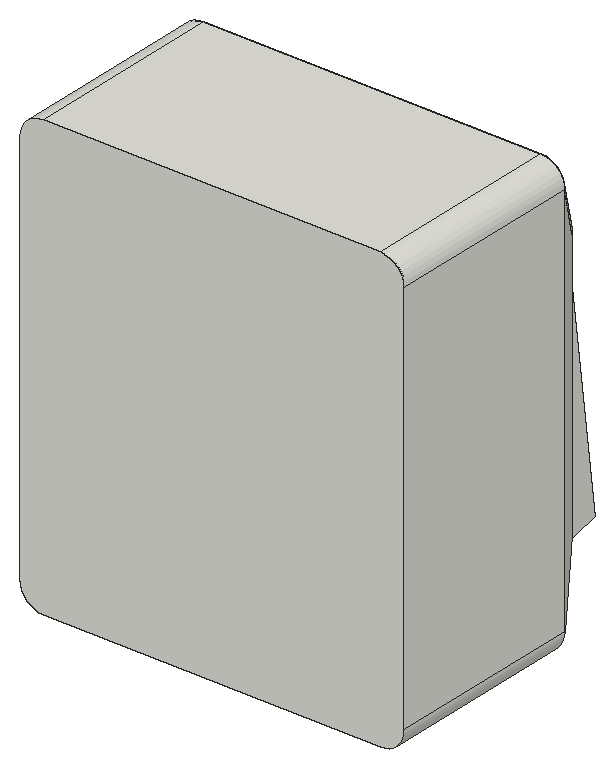
Revit family "IEK_Выключатель_ОУ_10А_2кл_IP54_ГЕРМЕС_PLUS", category Выключатели, Revit 2019
Family settings
  Сохранять ориентацию аннотаций = Да
  Размер круглого соединителя = Использовать диаметр
  Тип детали = Переключатель
  На основе рабочей плоскости = Нет
  Всегда вертикально = Да
  При загрузке вырезать с полостями = Нет
  Общий = Нет
  Точка расчета площади = Нет
Parameters (values of type "ВС20-2-0-ГПБ")
  Ширина = 72 mm  # constant formula
  Тип монтажа = "Поверхность монтажа (открытая установка)"  # constant formula
  Степень защиты = "IP54"  # constant formula
  Описание = "Изделия серии \"ГЕРМЕС PLUS\" используются в помещениях с повышенной влажностью или запыленностью, а также под навесом на открытом воздухе."
  Изготовитель = "IEK"  # constant formula
  Диаметр_Короб [instance] = 16 mm
  Глубина = 52 mm  # constant formula
  Высота = 72 mm  # constant formula
  ΔХ [instance] = 2000 mm
  ΔY [instance] = 2000 mm
  URL = "https://www.iek.ru/"
  ADSK_Ток [instance] = 10 A  # constant formula
  ADSK_Примечание = ""
  ADSK_Полная мощность [instance] = ADSK_Номинальная мощность / ADSK_Коэффициент мощности  # 2200 VA
  ADSK_Позиция [instance] = ""
  ADSK_Номинальная мощность [instance] = ADSK_Ток * ADSK_Напряжение * sqrt(ADSK_Количество фаз числовое) * ADSK_Коэффициент мощности  # 2200 W
  ADSK_Напряжение = 220 V
  ADSK_Наименование краткое = "ВС20-2-0-ГПБ"
  ADSK_Наименование = "Выключатель 2-клавишный для открытой установки ВС20-2-0-ГПБ IP54 ГЕРМЕС PLUS (цвет клавиши: белый) IEK"
  ADSK_Материал обозначение = ""
  ADSK_Материал наименование = "Пластик"  # constant formula
  ADSK_Материал = Цвет белый
  ADSK_Масса = 0.11
  ADSK_Марка = "ГЕРМЕС PLUS"  # constant formula
  ADSK_Коэффициент мощности [instance] = 1  # constant formula
  ADSK_Количество фаз числовое = 1
  ADSK_Количество фаз = 1
  ADSK_Код изделия = "EVMP20-K01-10-54-EC"
  ADSK_Классификация нагрузок [instance] = Прочее
  ADSK_Завод-изготовитель = Изготовитель  # "IEK"
  ADSK_Единица измерения = "шт."  # constant formula
  ADSK_Группирование = "Электроустановочные изделия низковольтные"  # constant formula
  ADSK_Версия семейства = "01.10.25"  # constant formula
  ADSK_Версия Revit = "v2019"  # constant formula
  ADSK_URL страницы изделия = "https://qr.iek.group/EVMP20-K01-10-54-EC"
Reference planes
  plane 1 "По центру (Вперед/Назад)": y = 0
  plane 2: z = 0
  plane 3 "По центру (Влево/Вправо)": x = 0
  plane 4 "Высота ножек": z = 280
  plane 5 "Высота": z = 2081.496
  plane 6: x = -2000
  plane 7: y = 2000
Forms (mm)
  Extrusion 1, solid, detail levels coarse
    sketch origin (5.5, 24, 0) x (1, 0, 0) y (0, 1, 0)
      loop
        line (-41.5, -24) -> (30.5, -24) -> (30.5, 28) -> (-41.5, 28) -> (-41.5, -24)
    from 0 to 75
  Extrusion 2, solid, detail levels medium
    sketch origin (-5.5, 24, 0) x (1, 0, 0) y (0, 1, 0)
      loop
        line (-30.5, 28) -> (-30.5, -24) -> (41.5, -24) -> (41.5, 28) -> (-30.5, 28)
    from 0 to 75
  Extrusion 3, solid, material "Цвет белый" <- "ADSK_Материал", detail levels fine
    sketch origin (0, 0, 187.446) x (1, 0, 0) y (0, 0, -1)
      loop
        arc (-32.5, 116.446) -> (-31.328, 113.618) -> (-28.5, 112.446) r 4
        line (-28.5, 112.446) -> (28.5, 112.446)
        arc (28.5, 112.446) -> (31.328, 113.618) -> (32.5, 116.446) r 4
        line (32.5, 116.446) -> (32.5, 183.446)
        arc (32.5, 183.446) -> (31.328, 186.275) -> (28.5, 187.446) r 4
        line (28.5, 187.446) -> (-28.5, 187.446)
        arc (-28.5, 187.446) -> (-31.328, 186.275) -> (-32.5, 183.446) r 4
        line (-32.5, 183.446) -> (-32.5, 116.446)
    from 0 to 33.882
  Blend 4, solid, material "Цвет белый" <- "ADSK_Материал", detail levels fine
    base sketch origin (0, 0, 187.446) x (1, 0, 0) y (0, 0, -1)
      loop
        arc (-32.5, 116.446) -> (-31.328, 113.618) -> (-28.5, 112.446) r 4
        line (-28.5, 112.446) -> (28.5, 112.446)
        arc (28.5, 112.446) -> (31.328, 113.618) -> (32.5, 116.446) r 4
        line (32.5, 116.446) -> (32.5, 183.446)
        arc (32.5, 183.446) -> (31.328, 186.275) -> (28.5, 187.446) r 4
        line (28.5, 187.446) -> (-28.5, 187.446)
        arc (-28.5, 187.446) -> (-31.328, 186.275) -> (-32.5, 183.446) r 4
        line (-32.5, 183.446) -> (-32.5, 116.446)
    top sketch origin (0, 0, 187.446) x (1, 0, 0) y (0, 0, -1)
      loop
        arc (-28.842, 127.056) -> (-27.846, 124.651) -> (-25.442, 123.656) r 3.4
        line (-25.442, 123.656) -> (25.445, 123.656)
        arc (25.445, 123.656) -> (27.849, 124.651) -> (28.845, 127.056) r 3.4
        line (28.845, 127.056) -> (28.845, 172.837)
        arc (28.845, 172.837) -> (27.849, 175.242) -> (25.445, 176.237) r 3.4
        line (25.445, 176.237) -> (-25.442, 176.237)
        arc (-25.442, 176.237) -> (-27.846, 175.242) -> (-28.842, 172.837) r 3.4
        line (-28.842, 172.837) -> (-28.842, 127.056)
    from 33.882 to 40
  Extrusion 5, void
    sketch origin (0, 0, 187.446) x (1, 0, 0) y (0, 0, -1)
      loop
        line (-28.25, 172.415) -> (-28.25, 127.265)
        arc (-28.25, 127.265) -> (-27.371, 125.144) -> (-25.25, 124.265) r 3
        line (-25.25, 124.265) -> (25.25, 124.265)
        arc (25.25, 124.265) -> (27.371, 125.144) -> (28.25, 127.265) r 3
        line (28.25, 127.265) -> (28.25, 172.415)
        arc (28.25, 172.415) -> (27.371, 174.536) -> (25.25, 175.415) r 3
        line (25.25, 175.415) -> (-25.25, 175.415)
        arc (-25.25, 175.415) -> (-27.371, 174.536) -> (-28.25, 172.415) r 3
    from 38.844 to 40
  Extrusion 6, solid, material "Цвет белый" <- "ADSK_Материал", detail levels fine
    sketch origin (0, 8.344, 188.715) x (0, 0, -1) y (0, 1, 0)
      loop
        line (176.354, 30.5) -> (174.63, 38.121)
        arc (174.63, 38.121) -> (150.329, 36.271) -> (126.348, 31.933) r 236.751
        line (126.348, 31.933) -> (126.348, 30.5) -> (176.354, 30.5)
    from -27.5 to -0.2
  Extrusion 7, solid, material "Цвет белый" <- "ADSK_Материал", detail levels fine
    sketch origin (0, 8.344, 188.715) x (0, 0, -1) y (0, -1, 0)
      loop
        line (176.354, -30.5) -> (126.348, -30.5) -> (126.348, -31.933)
        arc (126.348, -31.933) -> (150.329, -36.271) -> (174.63, -38.121) r 236.751
        line (174.63, -38.121) -> (176.354, -30.5)
    from -27.5 to -0.2
Cuts and joins
  Extrusion 5 cuts Blend 4
Lines and regions (mm)
  reference lines
    curve 1: line (0, 44.647, 0) -> (0, -55.353, 0)
    curve 2: line (-23.829, 0, 0) -> (76.171, 0, 0)
Dimensions and locks
  locked: plane 4 "Высота ножек" to plane 2 at 280
  plane 5 "Высота" to plane 4 "Высота ножек" = 1801.496 mm
  "ΔХ": plane 6 to curve 1
  "ΔY": plane 7 to curve 2
  aligned and locked: level to plane 2
  aligned and locked: curve 2 to nested 1
  aligned and locked: nested 1 to curve 1
Automatic sketch dimensions
  Extrusion 1 sketch curve to plane 1 "По центру (Вперед/Назад)" = 52 mm
  Extrusion 1 sketch curve to plane 3 "По центру (Влево/Вправо)" = 36 mm
  plane 3 "По центру (Влево/Вправо)" to Extrusion 1 sketch curve = 36 mm
  plane 1 "По центру (Вперед/Назад)" to Extrusion 1 sketch curve = 0 mm
  Extrusion 2 sketch curve to plane 3 "По центру (Влево/Вправо)" = 36 mm
  plane 3 "По центру (Влево/Вправо)" to Extrusion 2 sketch curve = 36 mm
  plane 1 "По центру (Вперед/Назад)" to Extrusion 2 sketch curve = 0 mm
  Extrusion 2 sketch curve to plane 1 "По центру (Вперед/Назад)" = 52 mm
  Extrusion 3 sketch curve to level = 0 mm
  level to Extrusion 3 sketch curve = 71 mm
  Extrusion 3 sketch curve to plane 3 "По центру (Влево/Вправо)" = 32.5 mm
  Extrusion 3 sketch curve to Extrusion 3 sketch curve = 4 mm  (x3)
  Extrusion 3 sketch curve to Extrusion 3 sketch curve = 57 mm  (x2)
  Blend 4 sketch curve to level = 0 mm
  level to Blend 4 sketch curve = 71 mm
  Blend 4 sketch curve to plane 3 "По центру (Влево/Вправо)" = 32.5 mm
  Blend 4 sketch curve to Blend 4 sketch curve = 4 mm  (x3)
  Blend 4 sketch curve to Blend 4 sketch curve = 57 mm  (x2)
  level to Blend 4 sketch curve = 60.391 mm
  Blend 4 sketch curve to plane 3 "По центру (Влево/Вправо)" = 28.842 mm
  Blend 4 sketch curve to Blend 4 sketch curve = 3.4 mm  (x3)
  level to Blend 4 sketch curve = 11.209 mm
  Blend 4 sketch curve to Blend 4 sketch curve = 50.887 mm
  Blend 4 sketch curve to Blend 4 sketch curve = 0 mm
  level to Extrusion 5 sketch curve = 15.032 mm  (x2)
  Extrusion 5 sketch curve to plane 3 "По центру (Влево/Вправо)" = 28.25 mm
  Extrusion 5 sketch curve to Extrusion 5 sketch curve = 3 mm  (x2)
  Extrusion 5 sketch curve to Extrusion 5 sketch curve = 50.5 mm
  Extrusion 5 sketch curve to Extrusion 5 sketch curve = 0 mm
  Extrusion 5 sketch curve to Extrusion 5 sketch curve = 45.15 mm
  level to Extrusion 6 sketch curve = 62.367 mm
  level to Extrusion 6 sketch curve = 14.085 mm
  Extrusion 6 sketch curve to Extrusion 6 sketch curve = 1.724 mm
  level to Extrusion 6 sketch curve = 8.292 mm
  plane 1 "По центру (Вперед/Назад)" to Extrusion 6 sketch curve = 190.215 mm
  Extrusion 6 sketch curve to plane 1 "По центру (Вперед/Назад)" = 38.844 mm
  Extrusion 6 sketch curve to Extrusion 6 sketch curve = 1.433 mm
  level to Extrusion 7 sketch curve = 62.367 mm
  level to Extrusion 7 sketch curve = 14.085 mm
  Extrusion 7 sketch curve to Extrusion 7 sketch curve = 1.724 mm
  level to Extrusion 7 sketch curve = 8.292 mm
  Extrusion 7 sketch curve to plane 1 "По центру (Вперед/Назад)" = 46.465 mm
  Extrusion 7 sketch curve to plane 1 "По центру (Вперед/Назад)" = 40.277 mm
  Extrusion 7 sketch curve to Extrusion 7 sketch curve = 1.433 mm
  curve 2 to plane 3 "По центру (Влево/Вправо)" = 23.829 mm
  plane 3 "По центру (Влево/Вправо)" to curve 2 = 76.171 mm
  plane 1 "По центру (Вперед/Назад)" to curve 1 = 55.353 mm
  curve 1 to plane 1 "По центру (Вперед/Назад)" = 44.647 mm
Nested families
  nested 1: "УГО Выключателя" at (0, 0, 0), type "2K-O", detail levels coarse+medium
    with IP44 yes
Connectors
  electrical at (0, 0, 37.5), driven by "ADSK_Количество фаз", driven by "ADSK_Классификация нагрузок", driven by "ADSK_Напряжение", driven by "ADSK_Полная мощность", driven by "ADSK_Коэффициент мощности"
    settings: on Extrusion 1, index 1, voltage 220 V, apparent load 0 VA, apparent load phase1 2200 VA, apparent load phase2 0 VA, apparent load phase3 0 VA, power factor 1, load classification "Прочее", number of poles 1, system type 30, power factor state 1, is connector primary yes, connector utility no, sub classification motor no, connector description ""
  cabletrayconduit at (0, 16.941, 75), diameter 16, driven by "Диаметр_Короб"
    settings: on Extrusion 3, index 2, connector width 300 mm, connector height 300 mm, connector angle 0.00°, system type 32, placement type 0, profile type 0, connector reference index -1, is primary connector yes, connector utility param no, connector description ""
Definition of nested family "УГО Выключателя"
  Parameters (values of type "3K-O")
    IP44 [instance] = no
    3K-C = no
    2K-C = no
    1K-C = no
    3K-O = yes
    2K-O = no
    1K-O = no
  Types (6, lengths in mm): name | 3K-C | 2K-C | 1K-C | 3K-O | 2K-O | 1K-O
    2K-O | no | no | no | no | yes | no
    3K-O | no | no | no | yes | no | no
    2K-C | no | yes | no | no | no | no
    1K-O | no | no | no | no | no | yes
    1K-C | no | no | yes | no | no | no
    3K-C | yes | no | no | no | no | no
  Reference planes
    plane 1: y = 0
    plane 2: x = 0
  Lines and regions (mm)
    Filled region 1, type "Цветовая область 1", visible <- "IP44", not visible
      outline origin (0, 0, 0) x (1, 0, 0) y (0, 1, 0)
        loop
          circle (0, 2.214) r 0.994
    Filled region 2, type "Цветовая область 1", visible <- "IP44", not visible
      outline origin (-1.562, 0, 0) x (1, 0, 0) y (0, 1, 0)
        loop
          circle (11.009, 9.276) r 0.994
    Filled region 3, type "Цветовая область 1", visible <- "IP44", not visible
      outline origin (-1.562, 0, 0) x (1, 0, 0) y (0, 1, 0)
        loop
          circle (23.521, 9.279) r 0.994
    Filled region 4, type "Цветовая область 1", visible <- "IP44", not visible
      outline origin (0, 0, 0) x (1, 0, 0) y (0, 1, 0)
        loop
          circle (28.604, 9.279) r 0.994
    Filled region 5, type "Цветовая область 1", visible <- "IP44", not visible
      outline origin (0, 0, 0) x (1, 0, 0) y (0, 1, 0)
        loop
          circle (32.789, 9.279) r 0.994
    Filled region 6, type "Цветовая область 1", visible <- "IP44"
      outline origin (0, 0, 0) x (1, 0, 0) y (0, 1, 0)
        loop
          circle (0.006, 0.994) r 0.994
    Filled region 7, type "Цветовая область 1", visible <- "IP44"
      outline origin (0, 0, 0) x (1, 0, 0) y (0, 1, 0)
        loop
          circle (0.006, 0.994) r 0.994
    Filled region 8, type "Цветовая область 1", visible <- "IP44"
      outline origin (-1.562, 0, 0) x (1, 0, 0) y (0, 1, 0)
        loop
          circle (1.569, 0.994) r 0.994
    Filled region 9, type "Цветовая область 1", visible <- "IP44"
      outline origin (0, 0, 0) x (1, 0, 0) y (0, 1, 0)
        loop
          circle (0.006, 0.994) r 0.994
    Filled region 10, type "Цветовая область 1", visible <- "IP44", not visible
      outline origin (0, 0, 0) x (1, 0, 0) y (0, 1, 0)
        loop
          circle (15.057, 15.33) r 0.994
    Filled region 11, type "Цветовая область 1", visible <- "IP44"
      outline origin (-1.562, 0, 0) x (1, 0, 0) y (0, 1, 0)
        loop
          circle (1.569, 0.994) r 0.994
    Filled region 12, type "Цветовая область 1", visible <- "IP44"
      outline origin (0, 0, 0) x (1, 0, 0) y (0, 1, 0)
        loop
          circle (0.006, 0.994) r 0.994
    detail lines, visible <- "3K-O", not visible
      curve 1: line (0.86, 2.711, 0) -> (3.031, 3.964, 0)
      curve 2: line (0.639, 2.975, 0) -> (2.25, 4.895, 0)
      curve 3: line (0.323, 3.154, 0) -> (1.139, 5.524, 0)
      curve 4: circle (0, 2.214, 0) r 0.994 normal (0, 0, 1)
      curve 5: line (3.031, 3.964, 0) -> (3.431, 3.272, 0)
      curve 6: line (2.25, 4.895, 0) -> (2.863, 4.381, 0)
      curve 7: line (1.139, 5.524, 0) -> (1.896, 5.263, 0)
    detail lines, visible <- "2K-O", not visible
      curve 8: line (10.196, 9.928, 0) -> (12.088, 11.572, 0)
      curve 9: line (9.928, 10.145, 0) -> (11.143, 12.337, 0)
      curve 10: circle (9.446, 9.276, 0) r 0.994 normal (0, 0, 1)
      curve 11: line (12.088, 11.572, 0) -> (12.613, 10.968, 0)
      curve 12: line (11.143, 12.337, 0) -> (11.843, 11.949, 0)
    detail lines, visible <- "1K-O", not visible
      curve 13: line (15.627, 16.144, 0) -> (17.201, 18.393, 0)
      curve 14: circle (15.057, 15.33, 0) r 0.994 normal (0, 0, 1)
      curve 15: line (17.201, 18.393, 0) -> (17.857, 17.934, 0)
    detail lines, visible <- "3K-C", not visible
      curve 16: line (22.819, 9.775, 0) -> (24.99, 11.029, 0)
      curve 17: line (22.597, 10.04, 0) -> (24.208, 11.96, 0)
      curve 18: line (22.282, 10.218, 0) -> (23.098, 12.588, 0)
      curve 19: circle (21.958, 9.279, 0) r 0.994 normal (0, 0, 1)
      curve 20: line (24.765, 11.418, 0) -> (25.215, 10.639, 0)
      curve 21: line (23.863, 12.249, 0) -> (24.553, 11.67, 0)
      curve 22: line (22.672, 12.734, 0) -> (23.523, 12.441, 0)
    detail lines, visible <- "2K-C", not visible
      curve 23: line (29.354, 9.93, 0) -> (31.246, 11.575, 0)
      curve 24: line (29.086, 10.148, 0) -> (30.301, 12.34, 0)
      curve 25: circle (28.604, 9.279, 0) r 0.994 normal (0, 0, 1)
      curve 26: line (30.951, 11.914, 0) -> (31.541, 11.235, 0)
      curve 27: line (29.908, 12.558, 0) -> (30.695, 12.122, 0)
    detail lines, visible <- "1K-C", not visible
      curve 28: line (33.359, 10.092, 0) -> (34.797, 12.146, 0)
      curve 29: circle (32.789, 9.279, 0) r 0.994 normal (0, 0, 1)
      curve 30: line (34.428, 12.404, 0) -> (35.165, 11.887, 0)
    detail lines
      curve 31: line (0.006, 0, 0) -> (0.006, 2.454, 0)
      curve 32: line (0.006, 0, 0) -> (2.217, 0, 0)
    detail lines, visible <- "1K-C"
      curve 33: line (0.576, 1.808, 0) -> (2.014, 3.861, 0)
      curve 34: circle (0.006, 0.994, 0) r 0.994 normal (0, 0, 1)
      curve 35: line (1.645, 4.119, 0) -> (2.383, 3.603, 0)
    detail lines, visible <- "2K-C"
      curve 36: line (0.756, 1.645, 0) -> (2.648, 3.29, 0)
      curve 37: line (0.488, 1.863, 0) -> (1.703, 4.055, 0)
      curve 38: circle (0.006, 0.994, 0) r 0.994 normal (0, 0, 1)
      curve 39: line (2.353, 3.629, 0) -> (2.943, 2.95, 0)
      curve 40: line (1.31, 4.273, 0) -> (2.097, 3.837, 0)
    detail lines, visible <- "3K-C"
      curve 41: line (0.867, 1.49, 0) -> (3.037, 2.744, 0)
      curve 42: line (0.645, 1.755, 0) -> (2.256, 3.675, 0)
      curve 43: line (0.33, 1.933, 0) -> (1.146, 4.303, 0)
      curve 44: circle (0.006, 0.994, 0) r 0.994 normal (0, 0, 1)
      curve 45: line (2.812, 3.133, 0) -> (3.262, 2.354, 0)
      curve 46: line (1.911, 3.964, 0) -> (2.601, 3.386, 0)
      curve 47: line (0.72, 4.449, 0) -> (1.571, 4.156, 0)
    detail lines, visible <- "1K-O"
      curve 48: line (0.576, 1.808, 0) -> (2.151, 4.056, 0)
      curve 49: circle (0.006, 0.994, 0) r 0.994 normal (0, 0, 1)
      curve 50: line (2.151, 4.056, 0) -> (2.806, 3.597, 0)
    detail lines, visible <- "2K-O"
      curve 51: line (0.756, 1.645, 0) -> (2.648, 3.29, 0)
      curve 52: line (0.488, 1.863, 0) -> (1.703, 4.055, 0)
      curve 53: circle (0.006, 0.994, 0) r 0.994 normal (0, 0, 1)
      curve 54: line (2.648, 3.29, 0) -> (3.173, 2.686, 0)
      curve 55: line (1.703, 4.055, 0) -> (2.403, 3.667, 0)
    detail lines, visible <- "3K-O"
      curve 56: line (0.867, 1.49, 0) -> (3.037, 2.744, 0)
      curve 57: line (0.645, 1.755, 0) -> (2.256, 3.675, 0)
      curve 58: line (0.33, 1.933, 0) -> (1.146, 4.303, 0)
      curve 59: circle (0.006, 0.994, 0) r 0.994 normal (0, 0, 1)
      curve 60: line (3.037, 2.744, 0) -> (3.437, 2.051, 0)
      curve 61: line (2.256, 3.675, 0) -> (2.869, 3.161, 0)
      curve 62: line (1.146, 4.303, 0) -> (1.902, 4.042, 0)
